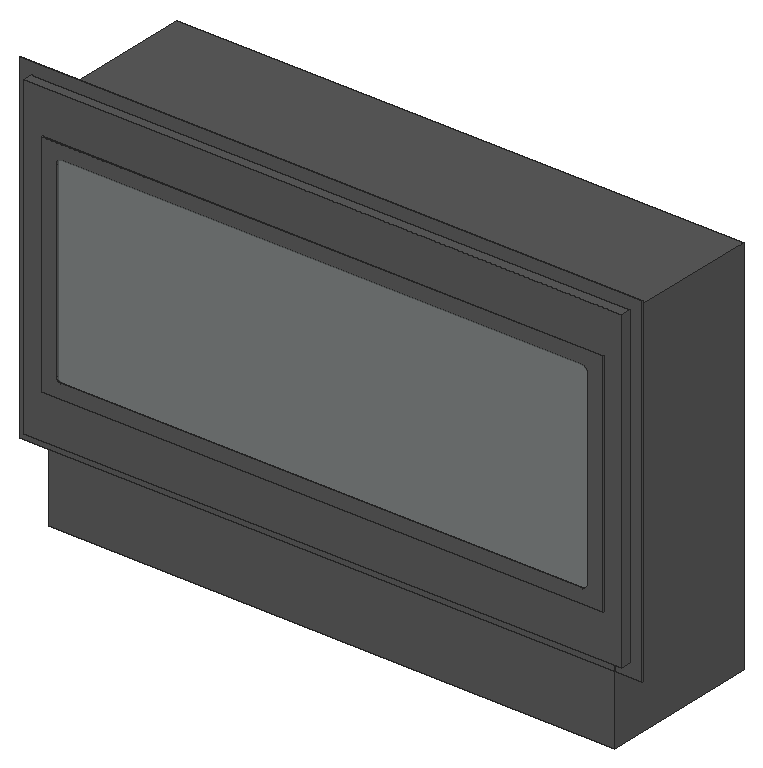
Revit family "PL42VO", category Generic Models, Revit 2019
Family settings
  Can host rebar = No
  Round Connector Dimension = Use Diameter
  Part Type = Normal
  Work Plane-Based = No
  Always vertical = Yes
  Cut with Voids When Loaded = No
  Shared = No
  Room Calculation Point = No
Parameters
  Width = 12 5/16"
  URL = "https://www.montigo.com/"
  Model = ""
  Manufacturer Fax = ""
  Manufacturer Website = "https://www.montigo.com/"
  Manufacturer Phone - Toll Free = "800-378-3115"
  Manufacturer Phone = ""
  Manufacturer Address = "27342 Gloucester Way  Langley, BC, Canada   V4W 4A1"
  Manufacturer = "Montigo"
  Length = 53 7/16"
  Keynote = ""
  Glazing Tint = Glass - Montigo - Tint as Specified
  Frame Material = Metal - Montigo - Black
  Firebox Material = Metal - Montigo - White
  Fire Place Length = 50 5/16"
  Fire Place Height = 24 1/2"
  Fire Place - Opening = 16 9/16"
  Description = "Montigo Fireplace as Specified"
  Base Height = 6 9/16"
Reference planes (in)
  plane 1 "Center (Front/Back)": y = 0
  plane 2: z = 0
  plane 3 "Center (Left/Right)": x = 0
Forms (in)
  Extrusion 1, solid, material "Metal - Montigo - Black" <- "Frame Material"
    sketch origin (0, 42.87307, 0) x (1, 0, 0) y (0, 1, 0)
      loop
        line (-19.894, -31.55107) -> (-19.894, -42.83707) -> (19.894, -42.83707) -> (19.894, -31.55107) -> (-19.894, -31.55107)
    from 0 to 26.875
  Extrusion 2, solid, material "Metal - Montigo - Black" <- "Frame Material"
    sketch origin (0, 42.87307, 0) x (1, 0, 0) y (0, 1, 0)
      loop
        line (-21.839, -42.83707) -> (-21.839, -42.87307) -> (21.839, -42.87307) -> (21.839, -42.83707) -> (-21.839, -42.83707)
    from 4.887 to 28.839
  Extrusion 3, solid, material "Metal - Montigo - Black" <- "Frame Material"
    sketch origin (0, 42.83707, 0) x (1, 0, 0) y (0, 1, 0)
      loop
        line (-21, -42.83707) -> (-21, -43.53307) -> (21, -43.53307) -> (21, -42.83707) -> (-21, -42.83707)
    from 5.762 to 28
  Extrusion 4, solid, material "Metal - Montigo - Black" <- "Frame Material"
    sketch origin (0, 42.83707, 0) x (1, 0, 0) y (0, 1, 0)
      loop
        line (-19.6875, -43.53307) -> (-19.6875, -43.63207) -> (19.6875, -43.63207) -> (19.6875, -43.53307) -> (-19.6875, -43.53307)
    from 8.86462 to 24.95662
  Extrusion 5, void
    sketch origin (42.25, -6.4375, 0) x (-1, 0, 0) y (0, 0, -1)
      loop
        arc (60.896, -10.23962) -> (60.78602, -9.97431) -> (60.52058, -9.86462) r 0.375
        line (60.52058, -9.86462) -> (23.97858, -9.86462)
        arc (23.97858, -9.86462) -> (23.71369, -9.9746) -> (23.604, -10.23962) r 0.375
        line (23.604, -10.23962) -> (23.604, -23.58162)
        arc (23.604, -23.58162) -> (23.71365, -23.8466) -> (23.97847, -23.95662) r 0.375
        line (23.97847, -23.95662) -> (60.52153, -23.95662)
        arc (60.52153, -23.95662) -> (60.78635, -23.8466) -> (60.896, -23.58162) r 0.375
        line (60.896, -23.58162) -> (60.896, -10.23962)
    from -5.7095 to -5.6425
Cuts and joins
  Extrusion 5 cuts Extrusion 4
Lines and regions (in)
  symbolic lines
    curve 1: line (-18.625, 0, 0) -> (18.625, 0, 0)
Dimensions and locks (in)
  aligned and locked: level to plane 2
